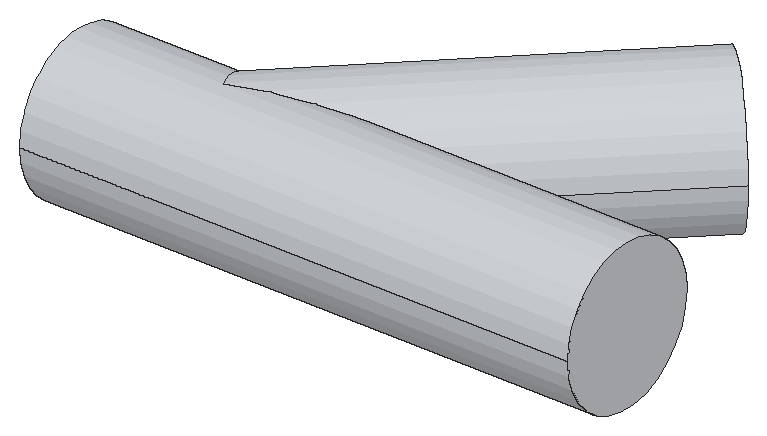
Revit family "0620b4deb088445e9e8dc1e6a42a03ea", category Pipe Fittings, Revit 2021
Family settings
  Round Connector Dimension = Use Radius
  Part Type = Lateral Tee
  OmniClass Number = 23.60.30.11.14
  OmniClass Title = Pipework Fittings
  Work Plane-Based = No
  Always vertical = Yes
  Cut with Voids When Loaded = No
  Shared = No
Parameters (values of type "Standard")
  Tick Size [instance] = Fitting Outside Diameter * 0.4  # 2.6500"
  Nominal Radius [instance] = 3.0000"
  Nominal Diameter [instance] = Nominal Radius * 2  # 6.0000"
  Loss Method = K Coefficient from Table
  Lookup Table Name = "Lateral - BV - Steel - Fabricated"
  K Coefficient Table = "Converging/Diverging Tee/Wye"
  Fitting Outside Radius [instance] = Fitting Outside Diameter / 2  # 3.3125"
  Fitting Outside Diameter [instance] = size_lookup(Lookup Table Name, "FOD", Nominal Diameter, Nominal Diameter)  # 6.6250"
  F Factor [instance] = size_lookup(Lookup Table Name, "FFctr", 0.14 * Nominal Diameter + 5.1300", Nominal Diameter)  # 5.0000"
  Default Elevation = 0.0000"
  Center to End 3 [instance] = if(and(Angle > 70.00°, (Angle < 110.00°)), size_lookup(Lookup Table Name, "CtE", 0.74 * Nominal Diameter + 5.0900", Nominal Diameter), Center to End 1)  # 17.99708"
  Center to End 2 Label [instance] = if(and(Angle 1 > 70.00°, (Angle < 110.00°)), size_lookup(Lookup Table Name, "CtE", 0.74 * Nominal Diameter + 5.0900", Nominal Diameter), if(Angle > 90.00°, Center to End 1, Center to End 2))  # 6.37208"
  Center to End 2 [instance] = F Factor + (Fitting Outside Radius * tan(Angle 1 / 2))  # 6.37208"
  Center to End 1 Label [instance] = if(and(Angle 1 > 70.00°, (Angle < 110.00°)), size_lookup(Lookup Table Name, "CtE", 0.74 * Nominal Diameter + 5.0900", Nominal Diameter), if(Angle > 90.00°, Center to End 2, Center to End 1))  # 17.99708"
  Center to End 1 [instance] = (Fitting Outside Diameter / (2 * tan(Angle 1 / 2))) + 2 * F Factor  # 17.99708"
  Angle 2 [instance] = if(Angle < 30.00°, 30.00°, if((180.00° - Angle) < 30.00°, 150.00°, Angle))  # 45.00°
  Angle 1 [instance] = if(Angle < 30.00°, 30.00°, if(Angle > 90.00°, 180.00° - Angle 2, if(((180.00° - Angle) < 30.00°), 150.00°, Angle)))  # 45.00°
  Angle [instance] = 45.00°
Reference planes (in)
  plane 1 "Center (Front/Back)": y = 0
  plane 2: z = 0
  plane 3 "Center (Left/Right)": x = 0
  plane 4: x = -6.37208
  plane 5: y = 2.65
  plane 6: y = -2.65
  plane 7: x = 17.99708
Forms (in)
  Extrusion 1, solid, detail levels fine
    sketch origin (0, 0, 0) x (0, 1, 0) y (0, 0, 1)
      loop
        circle (0, 0) r 3.3125
    from -6.37208 to 17.99708
  Sweep 2, solid, detail levels fine
    path origin (0, 0, 0) x (1, 0, 0) y (0, 1, 0)
      loop
        line (0, 0) -> (12.72586, 12.72586)
    profile origin (6.36293, 6.36293, 0) x (-0.707107, 0.707107, 0) y (0, 0, 1)
      loop
        circle (0, 0) r 3.3125
Cuts and joins
  joined: Extrusion 1, Sweep 2
Lines and regions (in)
  reference lines, not visible
    curve 1: line (0, 0, 0) -> (12.72586, 12.72586, 0)
  model lines, detail levels coarse+medium
    curve 2: line (-6.37208, 2.65, 0) -> (-6.37208, -2.65, 0)
    curve 3: line (17.99708, 2.65, 0) -> (17.99708, -2.65, 0)
    curve 6: line (10.85203, 14.59969, 0) -> (14.59969, 10.85203, 0)
  model lines, style "PipeFitting", detail levels coarse+medium
    curve 4: line (-6.37208, 0, 0) -> (17.99708, 0, 0)
    curve 5: line (0, 0, 0) -> (12.72586, 12.72586, 0)
Dimensions and locks (in)
  "Center to End 2 Label": plane 4 to plane 3 "Center (Left/Right)"
  "Tick Size": plane 5 to plane 1 "Center (Front/Back)"
  "Tick Size": plane 6 to plane 1 "Center (Front/Back)"
  "Center to End 1 Label": plane 3 "Center (Left/Right)" to plane 7
  "Center to End 3": curve 1 to curve 1
  "Center to End 3": Sweep 2 sketch curve to Sweep 2 sketch curve
  "Center to End 3": curve 5 to curve 5
  "Tick Size": curve 1 to curve 6
  "Tick Size": curve 6 to curve 1
  "Fitting Outside Radius": radius of Extrusion 1 sketch curve
  "Fitting Outside Radius": radius of Sweep 2 sketch curve
  "Angle 2": angle plane 1 "Center (Front/Back)" to curve 1
  "Angle 2": angle plane 1 "Center (Front/Back)" to Sweep 2 sketch curve
  "Angle 2": angle plane 1 "Center (Front/Back)" to curve 5
  locked: curve 6 to curve 1 (angle 90.00°)
  aligned and locked: plane 2 to level
  aligned and locked: plane 1 "Center (Front/Back)" to Extrusion 1 sketch curve
  aligned and locked: plane 2 to Extrusion 1 sketch curve
  aligned and locked: Extrusion 1 to plane 4
  aligned and locked: plane 7 to Extrusion 1
  aligned and locked: plane 3 "Center (Left/Right)" to curve 1
  aligned and locked: plane 1 "Center (Front/Back)" to curve 1
  aligned and locked: plane 3 "Center (Left/Right)" to Sweep 2 sketch curve
  aligned and locked: plane 1 "Center (Front/Back)" to Sweep 2 sketch curve
  aligned and locked: plane 5 to curve 3
  aligned and locked: plane 6 to curve 3
  aligned and locked: plane 5 to curve 2
  aligned and locked: plane 6 to curve 2
  aligned and locked: curve 3 to plane 7
  aligned and locked: curve 2 to plane 4
  aligned and locked: plane 4 to curve 4
  aligned and locked: plane 7 to curve 4
  aligned and locked: plane 1 "Center (Front/Back)" to curve 4
  aligned and locked: plane 3 "Center (Left/Right)" to curve 5
  aligned and locked: curve 6 to curve 1
Automatic sketch dimensions
  Sweep 2 sketch curve to level = 0.0000"
  Sweep 2 sketch curve to profile plane = 0.0000"
Connectors (in)
  piping at (-6.37208, 0, 0), diameter 6, driven by "Nominal Radius"
    settings: on Extrusion 1, index 1, connector inside diameter 6.0000", connector length 0.0000", flow factor 0, pipe flow 0 GPM, pressure drop 0.00 psi, fitting loss kfactor 0, connector angle 45.00°, fixture units 0, engagement length 0.0000", angle of deflection 0.00°, flow configuration 0, flow direction 0, fitting loss method 0, system type 28, joint type 0, gender type 0, connector reference index 2, connector utility 0, adjustable connector no, is connector primary yes, connector description ""
  piping at (17.99708, 0, 0), diameter 6, driven by "Nominal Radius"
    settings: on Extrusion 1, index 2, connector inside diameter 6.0000", connector length 0.0000", flow factor 0, pipe flow 0 GPM, pressure drop 0.00 psi, fitting loss kfactor 0, connector angle 0.00°, fixture units 0, engagement length 0.0000", angle of deflection 0.00°, flow configuration 0, flow direction 0, fitting loss method 0, system type 28, joint type 0, gender type 0, connector reference index 1, connector utility 0, adjustable connector no, is connector primary no, connector description ""
  piping at (12.72586, 12.72586, 0), diameter 6, driven by "Nominal Radius", driven by "Angle"
    settings: on Sweep 2, index 3, connector inside diameter 6.0000", connector length 0.0000", flow factor 0, pipe flow 0 GPM, pressure drop 0.00 psi, fitting loss kfactor 0, connector angle 45.00°, fixture units 0, engagement length 0.0000", angle of deflection 0.00°, flow configuration 0, flow direction 0, fitting loss method 0, system type 28, joint type 0, gender type 0, connector reference index -1, connector utility 0, adjustable connector no, is connector primary no, connector description ""
